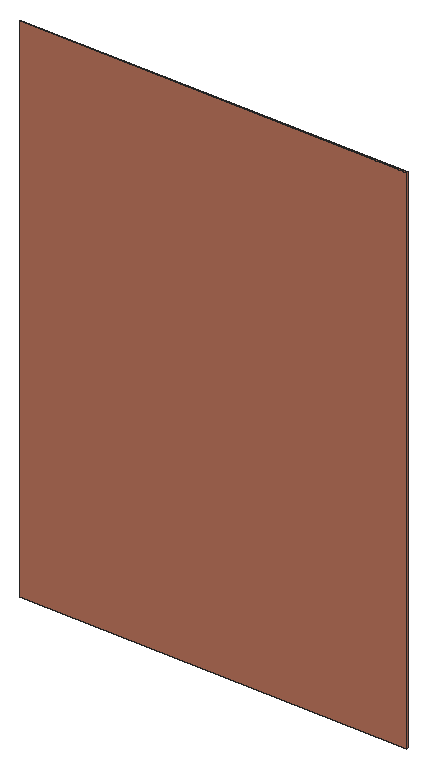
Revit family "FaEl_ExteriorInd", category Fassadenelemente, Revit 2019
Family settings
  OmniClass-Nummer = 23.25.00.00
  OmniClass-Titel = Structural and Space Division Products
  Immer vertikal = Ja
  Beim Laden mit Abzugskörper schneiden = Nein
  Gemeinsam genutzt = Nein
Parameters (values of type "2140x2060x0010_F_Quality")
  Water_Vapour_Diffusion_Resistance = "17.200 μ"
  Warranty_Start_Date [instance] = "1900-12-31T23:59:59"
  Warranty_Guarantor_Labor = "n/a"
  Warranty_Duration_Unit = "year"
  Warranty_Duration_Labor = "n/a"
  Warranty_Description = "n/a"
  Version = "3"
  Versatz_positive [instance] = if(Panel_Offset_from_Wall > 0 mm, Panel_Offset_from_Wall, 0 mm)  # 0 mm
  Versatz_negative [instance] = if(Panel_Offset_from_Wall < 0 mm, abs(Panel_Offset_from_Wall), 0 mm)  # 0 mm
  Tolerances = "0-10 mm to BS EN 438-6"
  Thickness_Options = "2-15 mm"
  Thermal_Expansion_Coefficient = "18x10^-6 1/K"
  Thermal_Conductivity = "0.3 W/mK"
  Tensile_Strength = "≥ 80 MPa"
  Tag_Number [instance] = "n/a"
  Sustainability_Performance = "n/a"
  SurfaceSpreadOfFlame = "n/a"
  Surface = "NT"
  Specials = "n/a"
  Size = "2140x1060x10mm"
  Shape = "Rectangle"
  Serial_Number [instance] = "n/a"
  Revision = "n/a"
  ReplacementCost = "n/a"
  Reference = "n/a"
  Product_Information = "www.ribaproductselector.com/Docs/0/27580/external/COL394192.pdf"
  Panel_Thickness = 10 mm
  Panel_Size_Width = "1060"
  Panel_Size_Length = "2140"
  Panel_Offset_from_Wall [instance] = 0 mm
  Panel_Material = FunderMax_CompactExterior
  Modulus_Of-Elasticity = "≥ 9.0 MPa"
  Model_Number = "n/a"
  Manufacturer_URL = "http://www.fundermax.at/exterior/max-compact-exterior/detail/max-compact-exterior-f-qualitaet.html"
  Manufacturer_Name = "FunderMax GmbH"
  IsExternal = yes
  Installation_Date [instance] = "1900-12-31T23:59:59"
  IfcExportType = "NOTDEFINED"
  IfcExportAs = "IfcCoveringType"
  Grade = "To BS EN 438-6, Type EDF"
  FragilityRating = "n/a"
  Flexural_Strength = "≥ 90 MPa"
  FlammabilityRating = "n/a"
  FireRating = "Euroclass B-s2, d0"
  Finish_Options = "Slabs, triangle, cone, bowl, wave small grey, wave gold large, naturell, letter, bubble, knitter"
  Features = "Graffitti-resistant, weather-resistant, flame-retardant core, lightfast, double-hardened, scratch and solvent resistant, easy to clean, custom shapes also available"
  Expected_Life = "n/a"
  Edges = "n/a"
  Duration_Unit = "year"
  Curtain_Wall_Mark [instance] = ""
  Core = "Brown core, F-quality"
  Constituents = "n/a"
  Combustible = no
  Color = "n/a"
  Code_Performance = "n/a"
  Certification = "CE- marked, BBA 12/4937"
  Bar_Code [instance] = ""
  Asset_Identifier [instance] = ""
  AssetType = "Fixed"
  Apparent_Density = "1.35 g/cm³"
  Analytische Konstruktion = "<Keine Auswahl>"
  AcousticRating = "n/a"
  Accessibility_Performance = "n/a"
Types (3, lengths in mm): name | Size | Panel_Size_Width | Panel_Size_Length
  4100x1300x0010_F_Quality | "4100x1300x10mm" | "1300" | "4100"
  2800x1300x0010_F_Quality | "2800x1300x10mm" | "1300" | "2800"
  2140x2060x0010_F_Quality | "2140x1060x10mm" | "1060" | "2140"
Reference planes
  plane 1 "Mitte (Vorne/hinten)": y = 0
  plane 2: z = 0
  plane 3 "Mitte (Links/rechts)": x = 0
  plane 4 "Links": x = -1500
  plane 5 "Rechts": x = 1500
  plane 6 "Oberkante": z = 4000
  plane 7: z = 4000
  plane 8: x = 1500
  plane 9: z = 0
  plane 10: x = -1500
  plane 11: y = 0
  plane 12: y = 0
  plane 13: y = 5
  plane 14: y = -5
Forms (mm)
  Extrusion 1, solid, material "FunderMax_CompactExterior" <- "Panel_Material"
    sketch origin (0, 0, 0) x (1, 0, 0) y (0, 0, 1)
      loop
        line (1500, 4000) -> (-1500, 4000) -> (-1500, 0) -> (1500, 0) -> (1500, 4000)
    from -5 to 5
Text (mm)
  text "Aussenseite" at (183.798, 300.536, 0), in view "Referenzebene"
  text "Exterior" at (0, 991.218, 3852.818), in view "Links"
  text "Exterior" at (0, 1328.187, 4120.349), in view "Rechts"
  text "Hinweis:\nÄndern Sie die Familienkategorie, um Fassadenfenster oder -türen zu definieren\n\nLöschen Sie diesen Hinweis, bevor Sie die Familie verwenden." at (1592.819, 360.786, 0), in view "Referenzebene"
Dimensions and locks
  equal spacing: plane 4 "Links", plane 3 "Mitte (Links/rechts)", plane 5 "Rechts"
  plane 7 to plane 6 "Oberkante" = 0 mm
  plane 2 to plane 9 = 0 mm
  plane 8 to plane 5 "Rechts" = 0 mm
  plane 4 "Links" to plane 10 = 0 mm
  "Versatz_positive": plane 1 "Mitte (Vorne/hinten)" to plane 11
  "Versatz_negative": plane 11 to plane 12
  equal spacing: plane 13, plane 12, plane 14
  "Panel_Thickness": plane 13 to plane 14
  aligned and locked: level to plane 2
  aligned and locked: Extrusion 1 sketch curve to plane 7
  aligned and locked: Extrusion 1 sketch curve to plane 8
  aligned and locked: Extrusion 1 sketch curve to plane 9
  aligned and locked: plane 10 to Extrusion 1 sketch curve
  aligned and locked: Extrusion 1 to plane 14
  aligned and locked: plane 13 to Extrusion 1
